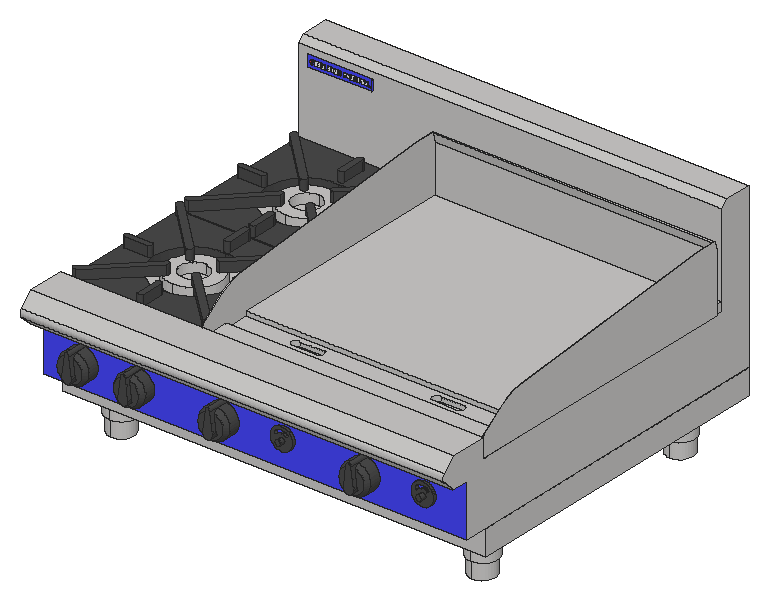
Revit family "QF_MOFFAT_BLUESEAL_CE_G516B-B", category Specialty Equipment, Revit 2012
Parameters
  Width = 900 mm  # constant formula
  Weight in Pounds = 283  # constant formula
  URL Cutsheet = "www.moffat.com"
  URL = "www.moffat.com"
  Type Mark [instance] = ""
  Status [instance] = ""
  Specification by User [instance] = ""
  Specification by Manufacturer = ""
  Show Logo [instance] = yes
  Serial Number = ""
  Seismic Rating = ""
  SMACNA No = ""
  Revision Code [instance] = ""
  Omniclass Number and Title = ""
  NAFEM Spec ID Number = ""
  Model = "G516B-B"
  Mechanical Remarks [instance] = ""
  Mechanical Connection Type [instance] = ""
  Masterspec = ""
  Manufacturer = "MOFFAT BLUESEAL"
  Item Number [instance] = ""
  Installed By [instance] = ""
  Identify Quantity as Lot [instance] = yes
  Height = 485 mm  # constant formula
  Gas Size = 3/4"
  Gas RI Height [instance] = 0 mm
  Gas KW [instance] = 26.6
  Gas Input [instance] = 90990.0 Btu/h
  Gas Connection Height = 0 mm
  Furnished By [instance] = ""
  Foodservice Equipment Identifier [instance] = yes
  Description = "900MM GAS COOK TOP BENCH MOUNT"
  Depth = 812 mm  # constant formula
  CSI MasterFormat = ""
  CSI Master Format = ""
Reference planes
  plane 1 "BACK": y = 0
  plane 2: z = 0
  plane 3 "LEFT": x = 0
  plane 4 "RIGHT": x = 900
  plane 5 "FRONT": y = -812
  plane 6 "TOP": z = 370
  plane 7 "Center Y": x = 450
  plane 8 "Center X": y = -406
  plane 9: z = 485
  plane 10: z = 315
Forms (mm)
  Revolve 1, solid, material "QF_Finishes_Stainless Steel"
    sketch origin (65.5, -728, 0) x (0, 1, 0) y (0, 0, 1)
      loop
        line (71.25, 85) -> (71.25, 35) -> (75.5, 35) -> (75.5, 0) -> (103, 0) -> (103, 85) -> (71.25, 85)
      axis (103, 85) -> (103, 0)
    angle from 0 to 360
  Revolve 2, solid, material "QF_Finishes_Stainless Steel"
    sketch origin (65.5, -210, 0) x (0, 1, 0) y (0, 0, 1)
      loop
        line (78.25, 85) -> (78.25, 35) -> (82.5, 35) -> (82.5, 0) -> (110, 0) -> (110, 85) -> (78.25, 85)
      axis (110, 85) -> (110, 0)
    angle from 0 to 360
  Extrusion 3, solid, material "QF_Finishes_Stainless Steel"
    sketch origin (405, 3, -500) x (1, 0, 0) y (0, 1, 0)
      loop
        circle (365, -35) r 13.5
    from 555 to 585
  Revolve 4, solid, material "QF_Finishes_Black"
    sketch origin (89.999, 7, -0.127) x (0, 1, 0) y (0, 0, -1)
      loop
        line (-789, -229.5) -> (-766, -229.5) -> (-766, -202) -> (-756, -202) -> (-756, -197) -> (-800, -197) -> (-800, -223.651) -> (-789, -229.5)
      axis (-800, -197) -> (-756, -197)
    angle from 0 to 360
  Extrusion 5, solid, material "QF_Finishes_Black"
    sketch origin (228.269, 7, 0.031) x (-1, 0, 0) y (0, 0, -1)
      loop
        line (127.85, -186.163) -> (133.27, -229.082)
        arc (133.27, -229.082) -> (138.269, -233.969) -> (143.267, -229.082) r 5
        line (143.267, -229.082) -> (148.756, -184.996)
        arc (148.756, -184.996) -> (137.684, -174.498) -> (127.85, -186.163) r 10.487
    from 759 to 808
  Extrusion 6, solid, material "QF_Finishes_Stainless Steel"
    sketch origin (0, 0, 0) x (0, 1, 0) y (0, 0, 1)
      loop
        line (-784.97, 250) -> (-749, 250) -> (-749, 140) -> (0, 140) -> (0, 485) -> (-57.5, 485) -> (-70, 472.5) -> (-70, 275) -> (-705, 275) -> (-705, 315) -> (-783.97, 315) -> (-808.498, 290.472)
        arc (-808.498, 290.472) -> (-812.007, 282) -> (-808.498, 273.528) r 11.982
        line (-808.498, 273.528) -> (-784.97, 250)
      loop
        line (0, 85) -> (0, 139.206) -> (-699, 139.206) -> (-699, 85) -> (0, 85)
    from 0 to 900
  Revolve 7, solid, material "QF_Finishes_Black"
    sketch origin (390, 7, -0.127) x (0, 1, 0) y (0, 0, -1)
      loop
        line (-789, -229.5) -> (-766, -229.5) -> (-766, -202) -> (-756, -202) -> (-756, -197) -> (-800, -197) -> (-800, -223.651) -> (-789, -229.5)
      axis (-800, -197) -> (-756, -197)
    angle from 0 to 360
  Extrusion 8, solid, material "QF_Finishes_Black"
    sketch origin (0, -749, 266) x (0, 0, -1) y (1, 0, 0)
      loop
        circle (69, 810) r 23.9
      loop
        arc (61.641, 818.419) -> (62.501, 823.219) -> (57.701, 824.079) r 3.448
        arc (57.701, 824.079) -> (51.116, 809.341) -> (58.919, 795.209) r 18.095
        arc (58.919, 795.209) -> (63.641, 796.491) -> (62.326, 801.204) r 3.448
        arc (62.326, 801.204) -> (58.758, 809.683) -> (61.641, 818.419) r 13.109
      loop
        circle (69, 510) r 23.9
      loop
        arc (61.641, 518.419) -> (62.501, 523.219) -> (57.701, 524.079) r 3.448
        arc (57.701, 524.079) -> (51.116, 509.341) -> (58.919, 495.209) r 18.095
        arc (58.919, 495.209) -> (63.641, 496.491) -> (62.326, 501.204) r 3.448
        arc (62.326, 501.204) -> (58.758, 509.683) -> (61.641, 518.419) r 13.109
    from 0 to 5
  Extrusion 9, solid, material "QF_Finishes_Black"
    sketch origin (0, -754, 266) x (0, 0, -1) y (1, 0, 0)
      loop
        circle (72.5, 510) r 5.75
      loop
        circle (72.5, 810) r 5.75
    from 0 to 10
  Revolve 10, solid, material "QF_Finishes_Stainless Steel"
    sketch origin (834.5, -728, 0) x (0, 1, 0) y (0, 0, -1)
      loop
        line (71.25, -85) -> (103, -85) -> (103, 0) -> (75.5, 0) -> (75.5, -35) -> (71.25, -35) -> (71.25, -85)
      axis (103, -85) -> (103, 0)
    angle from 0 to 360
  Revolve 11, solid, material "QF_Finishes_Stainless Steel"
    sketch origin (834.5, -210, 0) x (0, 1, 0) y (0, 0, -1)
      loop
        line (78.25, -85) -> (110, -85) -> (110, 0) -> (82.5, 0) -> (82.5, -35) -> (78.25, -35) -> (78.25, -85)
      axis (110, -85) -> (110, 0)
    angle from 0 to 360
  Extrusion 12, solid, material "QF_Finishes_Black"
    sketch origin (528.269, 7, 0.031) x (-1, 0, 0) y (0, 0, -1)
      loop
        line (127.85, -186.163) -> (133.27, -229.082)
        arc (133.27, -229.082) -> (138.269, -233.969) -> (143.267, -229.082) r 5
        line (143.267, -229.082) -> (148.756, -184.996)
        arc (148.756, -184.996) -> (137.684, -174.498) -> (127.85, -186.163) r 10.487
    from 759 to 808
  Revolve 13, solid, material "QF_Finishes_Black"
    sketch origin (690, 7, 0) x (0, 1, 0) y (0, 0, -1)
      loop
        line (-789, -229.5) -> (-766, -229.5) -> (-766, -202) -> (-756, -202) -> (-756, -197) -> (-800, -197) -> (-800, -223.651) -> (-789, -229.5)
      axis (-800, -197) -> (-756, -197)
    angle from 0 to 360
  Extrusion 14, solid, material "QF_Finishes_Black"
    sketch origin (828.27, 7, 0.158) x (-1, 0, 0) y (0, 0, -1)
      loop
        line (127.85, -186.163) -> (133.27, -229.082)
        arc (133.27, -229.082) -> (138.269, -233.969) -> (143.267, -229.082) r 5
        line (143.267, -229.082) -> (148.756, -184.996)
        arc (148.756, -184.996) -> (137.684, -174.498) -> (127.85, -186.163) r 10.487
    from 759 to 808
  Revolve 15, solid, material "QF_Finishes_Black"
    sketch origin (210, 7, 0) x (0, 1, 0) y (0, 0, -1)
      loop
        line (-789, -229.5) -> (-766, -229.5) -> (-766, -202) -> (-756, -202) -> (-756, -197) -> (-800, -197) -> (-800, -223.651) -> (-789, -229.5)
      axis (-800, -197) -> (-756, -197)
    angle from 0 to 360
  Extrusion 16, solid, material "QF_Finishes_Black"
    sketch origin (348.27, 7, 0.158) x (-1, 0, 0) y (0, 0, -1)
      loop
        line (127.85, -186.163) -> (133.27, -229.082)
        arc (133.27, -229.082) -> (138.269, -233.969) -> (143.267, -229.082) r 5
        line (143.267, -229.082) -> (148.756, -184.996)
        arc (148.756, -184.996) -> (137.684, -174.498) -> (127.85, -186.163) r 10.487
    from 759 to 808
Lines and regions (mm)
  Split face 1
    outline origin (0, 0, 485) x (0, -1, 0) y (1, 0, 0)
      loop
        arc (18.185, 32.794) -> (23.185, 24.134) -> (33.185, 24.134) r 10
        line (33.185, 24.134) -> (40.185, 28.176)
        arc (40.185, 28.176) -> (43.845, 31.836) -> (45.185, 36.836) r 10
        line (45.185, 36.836) -> (45.185, 264.794)
        arc (45.185, 264.794) -> (40.185, 273.455) -> (30.185, 273.455) r 10
        line (30.185, 273.455) -> (23.185, 269.413)
        arc (23.185, 269.413) -> (19.525, 265.753) -> (18.185, 260.753) r 10
        line (18.185, 260.753) -> (18.185, 32.794)
  Split face 2
    outline origin (0, 0, 485) x (0, -1, 0) y (1, 0, 0)
      loop
        arc (18.185, 332.794) -> (23.185, 324.134) -> (33.185, 324.134) r 10
        line (33.185, 324.134) -> (40.185, 328.176)
        arc (40.185, 328.176) -> (43.845, 331.836) -> (45.185, 336.836) r 10
        line (45.185, 336.836) -> (45.185, 564.794)
        arc (45.185, 564.794) -> (40.185, 573.455) -> (30.185, 573.455) r 10
        line (30.185, 573.455) -> (23.185, 569.413)
        arc (23.185, 569.413) -> (19.525, 565.753) -> (18.185, 560.753) r 10
        line (18.185, 560.753) -> (18.185, 332.794)
  Split face 3
    outline origin (0, 0, 485) x (0, -1, 0) y (1, 0, 0)
      loop
        arc (45.185, 864.794) -> (40.185, 873.455) -> (30.185, 873.455) r 10
        line (30.185, 873.455) -> (23.185, 869.413)
        arc (23.185, 869.413) -> (19.525, 865.753) -> (18.185, 860.753) r 10
        line (18.185, 860.753) -> (18.185, 632.794)
        arc (18.185, 632.794) -> (23.185, 624.134) -> (33.185, 624.134) r 10
        line (33.185, 624.134) -> (40.185, 628.176)
        arc (40.185, 628.176) -> (43.845, 631.836) -> (45.185, 636.836) r 10
        line (45.185, 636.836) -> (45.185, 864.794)
  symbolic lines
    curve 1: line (0, 0, 0) -> (0, -812, 0)
    curve 2: line (900, 0, 0) -> (0, 0, 0)
    curve 3: line (900, -812, 0) -> (900, 0, 0)
    curve 4: line (0, -70, 0) -> (900, -70, 0)
    curve 5: line (0, -812, 0) -> (900, -812, 0)
    curve 6: line (900, -705, 0) -> (0, -705, 0)
    curve 7: line (0, -783.97, 0) -> (900, -783.97, 0)
    curve 8: line (36.836, -45.185, 0) -> (264.794, -45.185, 0)
    curve 9: arc (264.794, -45.185, 0) -> (273.455, -40.185, 0) -> (273.455, -30.185, 0) r 10
    curve 10: line (273.455, -30.185, 0) -> (269.413, -23.185, 0)
    curve 11: arc (269.413, -23.185, 0) -> (265.753, -19.525, 0) -> (260.753, -18.185, 0) r 10
    curve 12: line (260.753, -18.185, 0) -> (32.794, -18.185, 0)
    curve 13: arc (32.794, -18.185, 0) -> (24.134, -23.185, 0) -> (24.134, -33.185, 0) r 10
    curve 14: line (24.134, -33.185, 0) -> (28.176, -40.185, 0)
    curve 15: arc (28.176, -40.185, 0) -> (31.836, -43.845, 0) -> (36.836, -45.185, 0) r 10
    curve 16: line (336.836, -45.185, 0) -> (564.794, -45.185, 0)
    curve 17: arc (564.794, -45.185, 0) -> (573.455, -40.185, 0) -> (573.455, -30.185, 0) r 10
    curve 18: line (573.455, -30.185, 0) -> (569.413, -23.185, 0)
    curve 19: arc (569.413, -23.185, 0) -> (565.753, -19.525, 0) -> (560.753, -18.185, 0) r 10
    curve 20: line (560.753, -18.185, 0) -> (332.794, -18.185, 0)
    curve 21: arc (332.794, -18.185, 0) -> (324.134, -23.185, 0) -> (324.134, -33.185, 0) r 10
    curve 22: line (324.134, -33.185, 0) -> (328.176, -40.185, 0)
    curve 23: arc (328.176, -40.185, 0) -> (331.836, -43.845, 0) -> (336.836, -45.185, 0) r 10
    curve 24: line (864.794, -45.185, 0) -> (636.836, -45.185, 0)
    curve 25: arc (636.836, -45.185, 0) -> (631.836, -43.845, 0) -> (628.176, -40.185, 0) r 10
    curve 26: line (628.176, -40.185, 0) -> (624.134, -33.185, 0)
    curve 27: arc (624.134, -33.185, 0) -> (624.134, -23.185, 0) -> (632.794, -18.185, 0) r 10
    curve 28: line (632.794, -18.185, 0) -> (860.753, -18.185, 0)
    curve 29: arc (860.753, -18.185, 0) -> (865.753, -19.525, 0) -> (869.413, -23.185, 0) r 10
    curve 30: line (869.413, -23.185, 0) -> (873.455, -30.185, 0)
    curve 31: arc (873.455, -30.185, 0) -> (873.455, -40.185, 0) -> (864.794, -45.185, 0) r 10
    curve 32: line (0, -57.5, 0) -> (900, -57.5, 0)
Dimensions and locks
  equal spacing: plane 3 "LEFT", plane 7 "Center Y", plane 4 "RIGHT"
  "Width": plane 3 "LEFT" to plane 4 "RIGHT"
  equal spacing: plane 5 "FRONT", plane 8 "Center X", plane 1 "BACK"
  "Depth": plane 5 "FRONT" to plane 1 "BACK"
  equal spacing: plane 4 "RIGHT", plane 7 "Center Y", plane 3 "LEFT"
  plane 4 "RIGHT" to plane 3 "LEFT" = 900 mm
  Extrusion 3 to level = 55 mm
  Extrusion 3 to plane 1 "BACK" = 32 mm
  plane 5 "FRONT" to plane 1 "BACK" = 812 mm
  "Height": plane 9 to level
  plane 10 to level = 315 mm
  Extrusion 3 sketch curve to plane 4 "RIGHT" = 130 mm
  Extrusion 3 sketch curve to plane 1 "BACK" = 32 mm
  aligned and locked: level to plane 2
  aligned and locked: curve 3 to plane 4 "RIGHT"
Automatic sketch dimensions
  plane 1 "BACK" to curve 1 = 0 mm
  curve 1 to plane 3 "LEFT" = 0 mm
  plane 5 "FRONT" to curve 1 = 0 mm
  plane 3 "LEFT" to curve 14 = 24.134 mm
  curve 13 to curve 14 = 4.041 mm
  curve 13 to curve 13 = 8.66 mm
  curve 15 to curve 8 = 8.66 mm
  plane 1 "BACK" to curve 12 = 18.185 mm
  curve 12 to plane 7 "Center Y" = 189.247 mm
  curve 11 to curve 9 = 4.041 mm
  plane 1 "BACK" to curve 10 = 23.185 mm
  curve 11 to curve 10 = 8.66 mm
  plane 1 "BACK" to curve 10 = 30.185 mm
  curve 10 to curve 10 = 4.041 mm
  plane 1 "BACK" to curve 22 = 33.185 mm
  curve 10 to curve 22 = 50.679 mm
  curve 21 to curve 23 = 4.041 mm  (x2)
  curve 21 to curve 21 = 8.66 mm
  plane 1 "BACK" to curve 20 = 18.185 mm
  plane 7 "Center Y" to curve 20 = 110.753 mm
  curve 19 to curve 17 = 4.041 mm  (x2)
  curve 19 to curve 19 = 8.66 mm
  plane 1 "BACK" to curve 26 = 33.185 mm
  curve 18 to curve 26 = 50.679 mm
  plane 1 "BACK" to curve 26 = 40.185 mm
  curve 27 to curve 26 = 4.041 mm
  curve 27 to curve 27 = 8.66 mm
  curve 27 to curve 25 = 4.041 mm
  plane 4 "RIGHT" to curve 29 = 39.247 mm
  curve 29 to curve 31 = 4.041 mm
  curve 28 to curve 30 = 8.66 mm
  curve 29 to curve 30 = 4.041 mm
  curve 7 to plane 5 "FRONT" = 28.03 mm
  curve 7 to curve 6 = 78.97 mm
  plane 1 "BACK" to curve 4 = 70 mm
  curve 4 to curve 32 = 12.5 mm
  curve 32 to curve 31 = 12.315 mm
  curve 8 to curve 12 = 27 mm
  curve 16 to curve 21 = 17 mm
  curve 22 to curve 21 = 7 mm
  curve 8 to curve 15 = 5 mm
  curve 16 to curve 17 = 10 mm
  curve 24 to curve 31 = 10 mm
  curve 14 to curve 13 = 7 mm
  curve 25 to curve 27 = 7 mm
  curve 31 to curve 29 = 7 mm
  curve 17 to curve 19 = 7 mm
  Revolve 1 sketch curve to level = 0 mm
  level to Revolve 1 sketch curve = 35 mm
  Revolve 1 sketch curve to plane 5 "FRONT" = 155.25 mm
  Revolve 1 sketch curve to Revolve 1 sketch curve = 4.25 mm
  Revolve 1 sketch curve to Revolve 1 sketch curve = 27.5 mm  (x2)
  Revolve 1 sketch curve to Revolve 1 sketch curve = 55 mm
  Revolve 1 sketch curve to Revolve 1 sketch curve = 15 mm
  Revolve 1 sketch curve to Revolve 1 sketch curve = 35 mm
  Revolve 2 sketch curve to level = 0 mm
  level to Revolve 2 sketch curve = 35 mm
  plane 1 "BACK" to Revolve 2 sketch curve = 131.75 mm
  Revolve 2 sketch curve to Revolve 2 sketch curve = 4.25 mm
  Revolve 2 sketch curve to Revolve 2 sketch curve = 27.5 mm  (x2)
  Revolve 2 sketch curve to Revolve 2 sketch curve = 55 mm
  Revolve 2 sketch curve to Revolve 2 sketch curve = 15 mm
  Revolve 2 sketch curve to Revolve 2 sketch curve = 35 mm
  Revolve 4 sketch curve to plane 5 "FRONT" = 19 mm
  Revolve 4 sketch curve to Revolve 4 sketch curve = 0 mm  (x2)
  Revolve 4 sketch curve to Revolve 4 sketch curve = 11 mm
  Revolve 4 sketch curve to Revolve 4 sketch curve = 12.7 mm
  Revolve 4 sketch curve to Revolve 4 sketch curve = 23 mm
  Revolve 4 sketch curve to Revolve 4 sketch curve = 10 mm
  Revolve 4 sketch curve to plane 10 = 85.627 mm
  Revolve 4 sketch curve to Revolve 4 sketch curve = 5.849 mm
  Revolve 4 sketch curve to Revolve 4 sketch curve = 27.5 mm
  Revolve 4 sketch curve to Revolve 4 sketch curve = 5 mm
  plane 3 "LEFT" to Extrusion 5 sketch curve = 100.419 mm
  Extrusion 5 sketch curve to Extrusion 5 sketch curve = 5.421 mm
  Extrusion 5 sketch curve to Extrusion 5 sketch curve = 10.419 mm
  Extrusion 5 sketch curve to Extrusion 5 sketch curve = 4.999 mm  (x2)
  Extrusion 5 sketch curve to Extrusion 5 sketch curve = 10.487 mm
  Extrusion 5 sketch curve to plane 10 = 85.887 mm
  Extrusion 5 sketch curve to Extrusion 5 sketch curve = 0.113 mm
  Extrusion 5 sketch curve to Extrusion 5 sketch curve = 42.919 mm
  Extrusion 5 sketch curve to Extrusion 5 sketch curve = 1.167 mm
  Extrusion 6 sketch curve to plane 10 = 0 mm
  plane 9 to Extrusion 6 sketch curve = 0 mm
  Extrusion 6 sketch curve to plane 1 "BACK" = 0 mm  (x2)
  plane 1 "BACK" to Extrusion 6 sketch curve = 57.5 mm
  plane 9 to Extrusion 6 sketch curve = 12.5 mm
  Extrusion 6 sketch curve to Extrusion 6 sketch curve = 12.5 mm
  Extrusion 6 sketch curve to plane 5 "FRONT" = 113 mm
  Extrusion 6 sketch curve to plane 5 "FRONT" = 107 mm
  Extrusion 6 sketch curve to Extrusion 6 sketch curve = 50 mm
  Extrusion 6 sketch curve to plane 5 "FRONT" = 28.03 mm
  Extrusion 6 sketch curve to plane 5 "FRONT" = 27.03 mm
  Extrusion 6 sketch curve to plane 5 "FRONT" = 11.975 mm
  Extrusion 6 sketch curve to plane 5 "FRONT" = 3.502 mm  (x2)
  Extrusion 6 sketch curve to plane 10 = 24.528 mm
  Extrusion 6 sketch curve to Extrusion 6 sketch curve = 8.472 mm
  Extrusion 6 sketch curve to Extrusion 6 sketch curve = 40 mm
  Extrusion 6 sketch curve to Extrusion 6 sketch curve = 23.528 mm
  Extrusion 6 sketch curve to Extrusion 6 sketch curve = 110 mm
  Extrusion 6 sketch curve to Extrusion 6 sketch curve = 0.794 mm
  Extrusion 6 sketch curve to Extrusion 6 sketch curve = 54.206 mm
  Revolve 7 sketch curve to plane 5 "FRONT" = 19 mm
  Revolve 7 sketch curve to Revolve 7 sketch curve = 0 mm  (x2)
  Revolve 7 sketch curve to Revolve 7 sketch curve = 11 mm
  Revolve 7 sketch curve to Revolve 7 sketch curve = 12.7 mm
  Revolve 7 sketch curve to Revolve 7 sketch curve = 23 mm
  Revolve 7 sketch curve to Revolve 7 sketch curve = 10 mm
  Revolve 7 sketch curve to plane 10 = 85.627 mm
  Revolve 7 sketch curve to Revolve 7 sketch curve = 5.849 mm
  Revolve 7 sketch curve to Revolve 7 sketch curve = 27.5 mm
  Revolve 7 sketch curve to Revolve 7 sketch curve = 5 mm
  Extrusion 6 to Extrusion 8 sketch curve = 41.701 mm  (x2)
  Extrusion 8 sketch curve to Extrusion 8 sketch curve = 1.218 mm  (x2)
  Extrusion 8 sketch curve to Extrusion 8 sketch curve = 1.97 mm  (x4)
  Extrusion 8 sketch curve to Extrusion 8 sketch curve = 1.724 mm  (x2)
  Extrusion 8 sketch curve to Extrusion 8 sketch curve = 1.683 mm  (x2)
  Extrusion 8 sketch curve to Extrusion 8 sketch curve = 6.674 mm  (x2)
  Extrusion 8 sketch curve to Extrusion 8 sketch curve = 0.195 mm  (x2)
  Extrusion 8 sketch curve to Extrusion 8 sketch curve = 2.662 mm  (x2)
  Extrusion 6 to Extrusion 8 sketch curve = 404.791 mm
  Extrusion 8 sketch curve to Extrusion 8 sketch curve = 2.986 mm  (x2)
  Extrusion 8 sketch curve to Extrusion 8 sketch curve = 8.796 mm  (x2)
  Extrusion 8 sketch curve to Extrusion 8 sketch curve = 0.103 mm  (x2)
  Extrusion 8 sketch curve to Extrusion 8 sketch curve = 0.102 mm  (x2)
  Extrusion 6 to Extrusion 8 sketch curve = 104.791 mm
  Extrusion 9 sketch curve to Extrusion 9 sketch curve = 0 mm
  Extrusion 9 sketch curve to Extrusion 9 sketch curve = 300 mm
  Revolve 10 sketch curve to level = 0 mm
  level to Revolve 10 sketch curve = 35 mm
  Revolve 10 sketch curve to plane 5 "FRONT" = 155.25 mm
  Revolve 10 sketch curve to Revolve 10 sketch curve = 4.25 mm
  Revolve 10 sketch curve to Revolve 10 sketch curve = 27.5 mm  (x2)
  Revolve 10 sketch curve to Revolve 10 sketch curve = 15 mm
  Revolve 10 sketch curve to Revolve 10 sketch curve = 35 mm
  Revolve 10 sketch curve to level = 55 mm
  Revolve 11 sketch curve to level = 0 mm
  level to Revolve 11 sketch curve = 35 mm
  plane 1 "BACK" to Revolve 11 sketch curve = 131.75 mm
  Revolve 11 sketch curve to Revolve 11 sketch curve = 4.25 mm
  Revolve 11 sketch curve to Revolve 11 sketch curve = 27.5 mm  (x2)
  Revolve 11 sketch curve to Revolve 11 sketch curve = 15 mm
  Revolve 11 sketch curve to Revolve 11 sketch curve = 35 mm
  Revolve 11 sketch curve to level = 55 mm
  Extrusion 12 sketch curve to plane 7 "Center Y" = 49.58 mm
  Extrusion 12 sketch curve to Extrusion 12 sketch curve = 5.421 mm
  Extrusion 12 sketch curve to Extrusion 12 sketch curve = 10.419 mm
  Extrusion 12 sketch curve to Extrusion 12 sketch curve = 4.999 mm  (x2)
  Extrusion 12 sketch curve to Extrusion 12 sketch curve = 10.487 mm
  Extrusion 12 sketch curve to plane 10 = 85.887 mm
  Extrusion 12 sketch curve to Extrusion 12 sketch curve = 0.113 mm
  Extrusion 12 sketch curve to Extrusion 12 sketch curve = 42.919 mm
  Extrusion 12 sketch curve to Extrusion 12 sketch curve = 1.167 mm
  Revolve 13 sketch curve to plane 5 "FRONT" = 19 mm
  Revolve 13 sketch curve to Revolve 13 sketch curve = 0 mm  (x2)
  Revolve 13 sketch curve to Revolve 13 sketch curve = 11 mm
  Revolve 13 sketch curve to Revolve 13 sketch curve = 12.7 mm
  Revolve 13 sketch curve to Revolve 13 sketch curve = 23 mm
  Revolve 13 sketch curve to Revolve 13 sketch curve = 10 mm
  Revolve 13 sketch curve to plane 10 = 85.5 mm
  Revolve 13 sketch curve to Revolve 13 sketch curve = 5.849 mm
  Revolve 13 sketch curve to Revolve 13 sketch curve = 27.5 mm
  Revolve 13 sketch curve to Revolve 13 sketch curve = 5 mm
  plane 4 "RIGHT" to Extrusion 14 sketch curve = 199.58 mm
  Extrusion 14 sketch curve to Extrusion 14 sketch curve = 5.421 mm
  Extrusion 14 sketch curve to Extrusion 14 sketch curve = 10.419 mm
  Extrusion 14 sketch curve to Extrusion 14 sketch curve = 4.999 mm  (x2)
  Extrusion 14 sketch curve to plane 10 = 85.76 mm
  Extrusion 14 sketch curve to Extrusion 14 sketch curve = 10.487 mm
  Extrusion 14 sketch curve to Extrusion 14 sketch curve = 0.113 mm
  Extrusion 14 sketch curve to Extrusion 14 sketch curve = 42.919 mm
  Extrusion 14 sketch curve to Extrusion 14 sketch curve = 1.167 mm
  Split face 1 sketch curve to Extrusion 6 = 18.185 mm
  Split face 1 sketch curve to Split face 1 sketch curve = 5 mm  (x3)
  Split face 1 sketch curve to Split face 1 sketch curve = 10 mm  (x2)
  Split face 1 sketch curve to Split face 1 sketch curve = 7 mm  (x4)
  Split face 1 sketch curve to Extrusion 6 = 24.134 mm
  Split face 1 sketch curve to Split face 1 sketch curve = 4.041 mm  (x2)
  Split face 1 sketch curve to Split face 1 sketch curve = 223.917 mm
  Split face 2 sketch curve to Extrusion 6 = 18.185 mm
  Split face 2 sketch curve to Split face 2 sketch curve = 5 mm  (x4)
  Split face 2 sketch curve to Split face 2 sketch curve = 10 mm
  Split face 2 sketch curve to Split face 2 sketch curve = 7 mm  (x4)
  Split face 2 sketch curve to Extrusion 6 = 324.134 mm
  Split face 2 sketch curve to Split face 2 sketch curve = 4.041 mm  (x2)
  Split face 2 sketch curve to Split face 2 sketch curve = 223.917 mm
  Split face 3 sketch curve to Extrusion 6 = 18.185 mm
  Split face 3 sketch curve to Split face 3 sketch curve = 5 mm  (x3)
  Split face 3 sketch curve to Split face 3 sketch curve = 10 mm  (x2)
  Split face 3 sketch curve to Split face 3 sketch curve = 7 mm  (x4)
  Split face 3 sketch curve to Extrusion 6 = 275.866 mm
  Split face 3 sketch curve to Split face 3 sketch curve = 4.041 mm  (x2)
  Split face 3 sketch curve to Extrusion 6 = 39.247 mm
  Revolve 15 sketch curve to plane 5 "FRONT" = 19 mm
  Revolve 15 sketch curve to Revolve 15 sketch curve = 0 mm  (x2)
  Revolve 15 sketch curve to Revolve 15 sketch curve = 11 mm
  Revolve 15 sketch curve to Revolve 15 sketch curve = 12.7 mm
  Revolve 15 sketch curve to Revolve 15 sketch curve = 23 mm
  Revolve 15 sketch curve to Revolve 15 sketch curve = 10 mm
  Revolve 15 sketch curve to plane 10 = 85.5 mm
  Revolve 15 sketch curve to Revolve 15 sketch curve = 5.849 mm
  Revolve 15 sketch curve to Revolve 15 sketch curve = 27.5 mm
  Revolve 15 sketch curve to Revolve 15 sketch curve = 5 mm
  plane 3 "LEFT" to Extrusion 16 sketch curve = 220.42 mm
  Extrusion 16 sketch curve to Extrusion 16 sketch curve = 5.421 mm
  Extrusion 16 sketch curve to Extrusion 16 sketch curve = 10.419 mm
  Extrusion 16 sketch curve to Extrusion 16 sketch curve = 4.999 mm  (x2)
  Extrusion 16 sketch curve to plane 10 = 85.76 mm
  Extrusion 16 sketch curve to Extrusion 16 sketch curve = 10.487 mm
  Extrusion 16 sketch curve to Extrusion 16 sketch curve = 0.113 mm
  Extrusion 16 sketch curve to Extrusion 16 sketch curve = 42.919 mm
  Extrusion 16 sketch curve to Extrusion 16 sketch curve = 1.167 mm
  radius of Extrusion 3 sketch curve = 13.5 mm
  radius of Extrusion 8 sketch curve = 23.9 mm  (x2)
  radius of Extrusion 9 sketch curve = 5.75 mm  (x2)
Nested families
  nested 1: "WALDORF LOGO_FACE BASE" at (18.6, -70, 458.604) x (1, 0, 0) z (0, -1, 0), visible <- "Show Logo", type "WALDORF LOGO_FACE BASE", detail levels medium+fine
    with Show Logo yes
  nested 2: "GAS BURNER300 & GRIDDLE 600" at (0, -70, 275), type "GAS BURNER300 & GRIDDLE 600"
    with Width 900 mm, Type Mark "", Status "", Specification by User "", Revision Code "", Item Number "", Installed By "", Identify Quantity as Lot yes, Furnished By "", Foodservice Equipment Identifier yes, Depth 635 mm
Connectors
  piping at (770, -32, 55)
    settings: on Extrusion 3, index 1, connector radius 0.37402", flow factor 0, pipe flow 0 GPM, pressure drop 0.00 psi, fitting loss kfactor 0, connector angle 0.00°, fixture units 0, engagement length 0 mm, flow configuration 1, flow direction 1, fitting loss method 0, system type 7, joint type 0, gender type 0, connector reference index -1, connector utility 0, adjustable connector no, is connector primary yes, fitting loss table "", connector description "GAS CONNECTION"
Definition of nested family "WALDORF LOGO_FACE BASE"
  Parameters (values of type "WALDORF LOGO_FACE BASE")
    Show Logo [instance] = yes
    Default Elevation = 1219.2 mm
  Reference planes
    plane 1 "Center (Front/Back)": y = 0
    plane 2: z = 0
    plane 3 "Center (Left/Right)": x = 0
  Forms (mm)
    Extrusion 1, solid
      sketch origin (0, 0, 0) x (1, 0, 0) y (0, 1, 0)
        loop
          line (-1219.2, 1219.2) -> (-1219.2, -1219.2) -> (1219.2, -1219.2) -> (1219.2, 1219.2) -> (-1219.2, 1219.2)
      from 0 to -304.8
    Extrusion 2, solid, material "QF_Finishes_Blue", visible <- "Show Logo"
      sketch origin (0, -33.217, 0) x (1, 0, 0) y (0, 1, 0)
        loop
          arc (138, 31.942) -> (137.626, 32.844) -> (136.724, 33.217) r 1.276
          line (136.724, 33.217) -> (1.29, 33.217)
          arc (1.29, 33.217) -> (0.378, 32.839) -> (0, 31.927) r 1.29
          line (0, 31.927) -> (0, 11.507)
          arc (0, 11.507) -> (0.378, 10.595) -> (1.29, 10.217) r 1.29
          line (1.29, 10.217) -> (136.71, 10.217)
          arc (136.71, 10.217) -> (137.622, 10.595) -> (138, 11.507) r 1.29
          line (138, 11.507) -> (138, 31.942)
      from 0 to 1.588
    Extrusion 3, solid, material "QF_Finishes_White", visible <- "Show Logo"
      sketch origin (0, -33.217, 1.588) x (1, 0, 0) y (0, 1, 0)
        loop
          arc (108.946, 25.919) -> (107.613, 25.367) -> (107.061, 24.034) r 1.885
          line (107.061, 24.034) -> (107.061, 17.211) -> (112.704, 17.211) -> (112.704, 19.129) -> (115.546, 19.129) -> (115.546, 17.211) -> (121.584, 17.211) -> (121.584, 24.075)
          arc (121.584, 24.075) -> (121.043, 25.379) -> (119.739, 25.919) r 1.845
          line (119.739, 25.919) -> (108.946, 25.919)
        loop
          line (123.478, 25.919) -> (123.478, 17.163) -> (134.904, 17.163) -> (134.904, 19.129) -> (129.246, 19.129) -> (129.246, 25.919) -> (123.478, 25.919)
        loop
          line (112.704, 21.258) -> (115.546, 21.258) -> (115.546, 22.702)
          arc (115.546, 22.702) -> (115.344, 23.188) -> (114.858, 23.389) r 0.687
          line (114.858, 23.389) -> (113.363, 23.389)
          arc (113.363, 23.389) -> (112.897, 23.196) -> (112.704, 22.73) r 0.658
          line (112.704, 22.73) -> (112.704, 21.258)
        loop
          line (105.071, 25.919) -> (93.771, 25.919) -> (93.771, 17.163) -> (105.071, 17.163) -> (105.071, 19.063) -> (99.535, 19.063) -> (99.535, 20.437) -> (105.071, 20.437) -> (105.071, 22.278) -> (99.535, 22.278) -> (99.535, 23.587) -> (105.071, 23.587) -> (105.071, 25.919)
        loop
          line (91.104, 25.919) -> (79.541, 25.919)
          arc (79.541, 25.919) -> (78.558, 25.513) -> (78.152, 24.53) r 1.389
          line (78.152, 24.53) -> (78.152, 22.08)
          arc (78.152, 22.08) -> (78.558, 21.098) -> (79.541, 20.691) r 1.389
          line (79.541, 20.691) -> (86.346, 20.691) -> (86.346, 18.864) -> (83.266, 18.864) -> (83.266, 19.664) -> (78.152, 19.664) -> (78.152, 18.553)
          arc (78.152, 18.553) -> (78.558, 17.57) -> (79.541, 17.163) r 1.389
          line (79.541, 17.163) -> (91.063, 17.163)
          arc (91.063, 17.163) -> (92.045, 17.57) -> (92.452, 18.553) r 1.389
          line (92.452, 18.553) -> (92.452, 20.691)
          arc (92.452, 20.691) -> (92.045, 21.673) -> (91.063, 22.08) r 1.389
          line (91.063, 22.08) -> (83.266, 22.08) -> (83.266, 23.984) -> (86.346, 23.984) -> (86.346, 22.743) -> (92.452, 22.743) -> (92.452, 24.571)
          arc (92.452, 24.571) -> (92.057, 25.524) -> (91.104, 25.919) r 1.348
        loop
          line (70.705, 25.919) -> (59.405, 25.919) -> (59.405, 17.163) -> (70.705, 17.163) -> (70.705, 19.063) -> (65.169, 19.063) -> (65.169, 20.437) -> (70.705, 20.437) -> (70.705, 22.278) -> (65.169, 22.278) -> (65.169, 23.587) -> (70.705, 23.587) -> (70.705, 25.919)
        loop
          line (57.598, 25.919) -> (51.7, 25.919) -> (51.7, 20.18)
          arc (51.7, 20.18) -> (50.63, 19.11) -> (49.56, 20.18) r 1.07
          line (49.56, 20.18) -> (49.56, 25.919) -> (43.663, 25.919) -> (43.663, 19.049)
          arc (43.663, 19.049) -> (44.215, 17.716) -> (45.548, 17.163) r 1.885
          line (45.548, 17.163) -> (55.71, 17.163)
          arc (55.71, 17.163) -> (57.045, 17.716) -> (57.598, 19.051) r 1.887
          line (57.598, 19.051) -> (57.598, 25.919)
        loop
          line (31.62, 25.919) -> (31.62, 17.163) -> (43.046, 17.163) -> (43.046, 19.129) -> (37.388, 19.129) -> (37.388, 25.919) -> (31.62, 25.919)
        loop
          line (15.969, 25.919) -> (15.969, 17.163) -> (28.693, 17.163)
          arc (28.693, 17.163) -> (29.812, 17.627) -> (30.276, 18.746) r 1.582
          line (30.276, 18.746) -> (30.276, 20.447) -> (29.48, 21.243) -> (30.276, 22.039) -> (30.276, 24.332)
          arc (30.276, 24.332) -> (29.811, 25.454) -> (28.688, 25.919) r 1.587
          line (28.688, 25.919) -> (15.969, 25.919)
        loop
          line (21.449, 24.159) -> (21.449, 22.436) -> (23.862, 22.436)
          arc (23.862, 22.436) -> (24.723, 23.298) -> (23.862, 24.159) r 0.861
          line (23.862, 24.159) -> (21.449, 24.159)
        loop
          line (21.449, 20.244) -> (21.449, 18.522) -> (23.862, 18.522)
          arc (23.862, 18.522) -> (24.723, 19.383) -> (23.862, 20.244) r 0.861
          line (23.862, 20.244) -> (21.449, 20.244)
      from 0 to 0.2
    Extrusion 4, solid, material "QF_Finishes_Blue", visible <- "Show Logo"
      sketch origin (-126.498, -31.09, 1.588) x (1, 0, 0) y (0, 1, 0)
        loop
          line (136.738, 23.522) -> (136.738, 15.1)
          arc (136.738, 15.1) -> (140.756, 19.311) -> (136.738, 23.522) r 4.216
      from 0 to 0.2
    Extrusion 5, solid, material "QF_Finishes_Red", visible <- "Show Logo"
      sketch origin (146.849, -31.09, 1.588) x (-1, 0, 0) y (0, -1, 0)
        loop
          arc (136.738, -23.522) -> (140.756, -19.311) -> (136.738, -15.1) r 4.216
          line (136.738, -15.1) -> (136.738, -23.522)
      from 0 to 0.2
  Lines and regions (mm)
    Split face 1
      outline origin (-90.35, -30.793, 1.588) x (1, 0, 0) y (0, 1, 0)
        loop
          circle (100.54, 19.013) r 4.536
  Dimensions and locks
    aligned and locked: plane 2 to Extrusion 1
    aligned and locked: level to Extrusion 1
Definition of nested family "GAS BURNER300 & GRIDDLE 600"
  Parameters (values of type "GAS BURNER300 & GRIDDLE 600")
    Width [instance] = 900 mm
    Weight in Pounds = 0
    URL Cutsheet = ""
    Type Mark [instance] = ""
    Status [instance] = ""
    Specification by User [instance] = ""
    Specification by Manufacturer = ""
    Serial Number = ""
    Seismic Rating = ""
    SMACNA No = ""
    Revision Code [instance] = ""
    Omniclass Number and Title = ""
    NAFEM Spec ID Number = ""
    Masterspec = ""
    Item Number [instance] = ""
    Installed By [instance] = ""
    Identify Quantity as Lot [instance] = yes
    Furnished By [instance] = ""
    Foodservice Equipment Identifier [instance] = yes
    Depth [instance] = 635 mm
    CSI MasterFormat = ""
    CSI Master Format = ""
  Reference planes
    plane 1 "BACK": y = 0
    plane 2: z = 0
    plane 3 "LEFT": x = 0
    plane 4 "RIGHT": x = 900
    plane 5 "FRONT": y = -635
    plane 6 "TOP": z = 142.5
    plane 7 "Center Y": x = 450
    plane 8 "Center X": y = -317.5
  Forms (mm)
    Extrusion 1, solid, material "QF_Finishes_Black"
      sketch origin (0, 0, 0) x (0, -1, 0) y (1, 0, 0)
        loop
          line (318.5, 4) -> (318.5, 296)
          arc (318.5, 296) -> (317.621, 298.121) -> (315.5, 299) r 3
          line (315.5, 299) -> (3, 299)
          arc (3, 299) -> (0.879, 298.121) -> (0, 296) r 3
          line (0, 296) -> (0, 4)
          arc (0, 4) -> (0.879, 1.879) -> (3, 1) r 3
          line (3, 1) -> (315.5, 1)
          arc (315.5, 1) -> (317.621, 1.879) -> (318.5, 4) r 3
        loop
          line (324.5, 1) -> (632, 1)
          arc (632, 1) -> (634.121, 1.879) -> (635, 4) r 3
          line (635, 4) -> (635, 296)
          arc (635, 296) -> (634.121, 298.121) -> (632, 299) r 3
          line (632, 299) -> (324.5, 299)
          arc (324.5, 299) -> (322.379, 298.121) -> (321.5, 296) r 3
          line (321.5, 296) -> (321.5, 4)
          arc (321.5, 4) -> (322.379, 1.879) -> (324.5, 1) r 3
        loop
          circle (168.5, 149.991) r 84.082
        loop
          circle (468.5, 149.991) r 84.082
      from 0 to 19.5
    Extrusion 2, solid, material "QF_Finishes_Black"
      sketch origin (0, 0, 19.5) x (0, -1, 0) y (1, 0, 0)
        loop
          spline (326.102, 15.153) -> (325.181, 13.924) -> (324.631, 12.47) -> (324.49, 10.89) -> (324.767, 9.292) -> (325.443, 7.786) -> (326.473, 6.473) -> (327.786, 5.443) -> (329.292, 4.767) -> (330.89, 4.49) -> (332.47, 4.631) -> (333.924, 5.181) -> (335.153, 6.102)
          line (335.153, 6.102) -> (443.076, 114.025)
          spline (443.076, 114.025) -> (443.837, 115.095) -> (444.238, 116.399) -> (444.251, 117.851) -> (443.875, 119.35) -> (443.137, 120.795) -> (442.086, 122.086) -> (440.795, 123.137) -> (439.35, 123.875) -> (437.851, 124.251) -> (436.399, 124.238) -> (435.095, 123.837) -> (434.025, 123.076)
          line (434.025, 123.076) -> (326.102, 15.153)
        loop
          spline (328.898, 156.4) -> (327.604, 156.182) -> (326.398, 155.543) -> (325.362, 154.525) -> (324.568, 153.2) -> (324.068, 151.656) -> (323.898, 150) -> (324.068, 148.344) -> (324.568, 146.8) -> (325.362, 145.475) -> (326.398, 144.457) -> (327.604, 143.818) -> (328.898, 143.6)
          line (328.898, 143.6) -> (378.102, 143.6)
          spline (378.102, 143.6) -> (379.396, 143.818) -> (380.602, 144.457) -> (381.638, 145.475) -> (382.432, 146.8) -> (382.932, 148.344) -> (383.102, 150) -> (382.932, 151.656) -> (382.432, 153.2) -> (381.638, 154.525) -> (380.602, 155.543) -> (379.396, 156.182) -> (378.102, 156.4)
          line (378.102, 156.4) -> (328.898, 156.4)
        loop
          spline (335.153, 293.898) -> (334.084, 294.659) -> (332.779, 295.059) -> (331.328, 295.072) -> (329.829, 294.697) -> (328.384, 293.959) -> (327.092, 292.908) -> (326.041, 291.616) -> (325.303, 290.171) -> (324.928, 288.672) -> (324.941, 287.221) -> (325.341, 285.916) -> (326.102, 284.847)
          line (326.102, 284.847) -> (434.025, 176.924)
          spline (434.025, 176.924) -> (435.095, 176.163) -> (436.399, 175.762) -> (437.851, 175.749) -> (439.35, 176.125) -> (440.795, 176.863) -> (442.086, 177.914) -> (443.137, 179.205) -> (443.875, 180.65) -> (444.251, 182.149) -> (444.238, 183.601) -> (443.837, 184.905) -> (443.076, 185.975)
          line (443.076, 185.975) -> (335.153, 293.898)
        loop
          line (463.6, 291.102) -> (463.6, 241.898)
          spline (463.6, 241.898) -> (463.818, 240.604) -> (464.457, 239.398) -> (465.475, 238.362) -> (466.8, 237.568) -> (468.344, 237.068) -> (470, 236.898) -> (471.656, 237.068) -> (473.2, 237.568) -> (474.525, 238.362) -> (475.543, 239.398) -> (476.182, 240.604) -> (476.4, 241.898)
          line (476.4, 241.898) -> (476.4, 291.102)
          spline (476.4, 291.102) -> (476.182, 292.396) -> (475.543, 293.602) -> (474.525, 294.638) -> (473.2, 295.432) -> (471.656, 295.932) -> (470, 296.102) -> (468.344, 295.932) -> (466.8, 295.432) -> (465.475, 294.638) -> (464.457, 293.602) -> (463.818, 292.396) -> (463.6, 291.102)
        loop
          spline (612.398, 284.847) -> (613.159, 285.916) -> (613.559, 287.221) -> (613.572, 288.672) -> (613.197, 290.171) -> (612.459, 291.616) -> (611.408, 292.908) -> (610.116, 293.959) -> (608.671, 294.697) -> (607.172, 295.072) -> (605.721, 295.059) -> (604.416, 294.659) -> (603.347, 293.898)
          line (603.347, 293.898) -> (496.924, 185.975)
          spline (496.924, 185.975) -> (496.163, 184.905) -> (495.762, 183.601) -> (495.749, 182.149) -> (496.125, 180.65) -> (496.863, 179.205) -> (497.914, 177.914) -> (499.205, 176.863) -> (500.65, 176.125) -> (502.149, 175.749) -> (503.601, 175.762) -> (504.905, 176.163) -> (505.975, 176.924)
          line (505.975, 176.924) -> (612.398, 284.847)
        loop
          spline (609.602, 143.6) -> (610.896, 143.818) -> (612.102, 144.457) -> (613.138, 145.475) -> (613.932, 146.8) -> (614.432, 148.344) -> (614.602, 150) -> (614.432, 151.656) -> (613.932, 153.2) -> (613.138, 154.525) -> (612.102, 155.543) -> (610.896, 156.182) -> (609.602, 156.4)
          line (609.602, 156.4) -> (561.898, 156.4)
          spline (561.898, 156.4) -> (560.604, 156.182) -> (559.398, 155.543) -> (558.362, 154.525) -> (557.568, 153.2) -> (557.068, 151.656) -> (556.898, 150) -> (557.068, 148.344) -> (557.568, 146.8) -> (558.362, 145.475) -> (559.398, 144.457) -> (560.604, 143.818) -> (561.898, 143.6)
          line (561.898, 143.6) -> (609.602, 143.6)
        loop
          line (612.398, 15.153) -> (505.975, 123.076)
          spline (505.975, 123.076) -> (504.905, 123.837) -> (503.601, 124.238) -> (502.149, 124.251) -> (500.65, 123.875) -> (499.205, 123.137) -> (497.914, 122.086) -> (496.863, 120.795) -> (496.125, 119.35) -> (495.749, 117.851) -> (495.762, 116.399) -> (496.163, 115.095) -> (496.924, 114.025)
          line (496.924, 114.025) -> (603.347, 6.102)
          spline (603.347, 6.102) -> (604.416, 5.341) -> (605.721, 4.941) -> (607.172, 4.928) -> (608.671, 5.303) -> (610.116, 6.041) -> (611.408, 7.092) -> (612.459, 8.384) -> (613.197, 9.829) -> (613.572, 11.328) -> (613.559, 12.779) -> (613.159, 14.084) -> (612.398, 15.153)
        loop
          line (476.4, 8.898) -> (476.4, 58.102)
          spline (476.4, 58.102) -> (476.182, 59.396) -> (475.543, 60.602) -> (474.525, 61.638) -> (473.2, 62.432) -> (471.656, 62.932) -> (470, 63.102) -> (468.344, 62.932) -> (466.8, 62.432) -> (465.475, 61.638) -> (464.457, 60.602) -> (463.818, 59.396) -> (463.6, 58.102)
          line (463.6, 58.102) -> (463.6, 8.898)
          spline (463.6, 8.898) -> (463.818, 7.604) -> (464.457, 6.398) -> (465.475, 5.362) -> (466.8, 4.568) -> (468.344, 4.068) -> (470, 3.898) -> (471.656, 4.068) -> (473.2, 4.568) -> (474.525, 5.362) -> (475.543, 6.398) -> (476.182, 7.604) -> (476.4, 8.898)
        loop
          spline (22.602, 15.153) -> (21.681, 13.924) -> (21.131, 12.47) -> (20.99, 10.89) -> (21.267, 9.292) -> (21.943, 7.786) -> (22.973, 6.473) -> (24.286, 5.443) -> (25.792, 4.767) -> (27.39, 4.49) -> (28.97, 4.631) -> (30.424, 5.181) -> (31.653, 6.102)
          line (31.653, 6.102) -> (139.576, 114.025)
          spline (139.576, 114.025) -> (140.337, 115.095) -> (140.738, 116.399) -> (140.751, 117.851) -> (140.375, 119.35) -> (139.637, 120.795) -> (138.586, 122.086) -> (137.295, 123.137) -> (135.85, 123.875) -> (134.351, 124.251) -> (132.899, 124.238) -> (131.595, 123.837) -> (130.525, 123.076)
          line (130.525, 123.076) -> (22.602, 15.153)
        loop
          spline (25.398, 156.4) -> (24.104, 156.182) -> (22.898, 155.543) -> (21.862, 154.525) -> (21.068, 153.2) -> (20.568, 151.656) -> (20.398, 150) -> (20.568, 148.344) -> (21.068, 146.8) -> (21.862, 145.475) -> (22.898, 144.457) -> (24.104, 143.818) -> (25.398, 143.6)
          line (25.398, 143.6) -> (74.602, 143.6)
          spline (74.602, 143.6) -> (75.896, 143.818) -> (77.102, 144.457) -> (78.138, 145.475) -> (78.932, 146.8) -> (79.432, 148.344) -> (79.602, 150) -> (79.432, 151.656) -> (78.932, 153.2) -> (78.138, 154.525) -> (77.102, 155.543) -> (75.896, 156.182) -> (74.602, 156.4)
          line (74.602, 156.4) -> (25.398, 156.4)
        loop
          spline (31.653, 293.898) -> (30.584, 294.659) -> (29.279, 295.059) -> (27.828, 295.072) -> (26.329, 294.697) -> (24.884, 293.959) -> (23.592, 292.908) -> (22.541, 291.616) -> (21.803, 290.171) -> (21.428, 288.672) -> (21.441, 287.221) -> (21.841, 285.916) -> (22.602, 284.847)
          line (22.602, 284.847) -> (130.525, 176.924)
          spline (130.525, 176.924) -> (131.595, 176.163) -> (132.899, 175.762) -> (134.351, 175.749) -> (135.85, 176.125) -> (137.295, 176.863) -> (138.586, 177.914) -> (139.637, 179.205) -> (140.375, 180.65) -> (140.751, 182.149) -> (140.738, 183.601) -> (140.337, 184.905) -> (139.576, 185.975)
          line (139.576, 185.975) -> (31.653, 293.898)
        loop
          line (160.1, 291.102) -> (160.1, 241.898)
          spline (160.1, 241.898) -> (160.318, 240.604) -> (160.957, 239.398) -> (161.975, 238.362) -> (163.3, 237.568) -> (164.844, 237.068) -> (166.5, 236.898) -> (168.156, 237.068) -> (169.7, 237.568) -> (171.025, 238.362) -> (172.043, 239.398) -> (172.682, 240.604) -> (172.9, 241.898)
          line (172.9, 241.898) -> (172.9, 291.102)
          spline (172.9, 291.102) -> (172.682, 292.396) -> (172.043, 293.602) -> (171.025, 294.638) -> (169.7, 295.432) -> (168.156, 295.932) -> (166.5, 296.102) -> (164.844, 295.932) -> (163.3, 295.432) -> (161.975, 294.638) -> (160.957, 293.602) -> (160.318, 292.396) -> (160.1, 291.102)
        loop
          spline (313.898, 284.847) -> (314.659, 285.916) -> (315.059, 287.221) -> (315.072, 288.672) -> (314.697, 290.171) -> (313.959, 291.616) -> (312.908, 292.908) -> (311.616, 293.959) -> (310.171, 294.697) -> (308.672, 295.072) -> (307.221, 295.059) -> (305.916, 294.659) -> (304.847, 293.898)
          line (304.847, 293.898) -> (193.424, 185.975)
          spline (193.424, 185.975) -> (192.663, 184.905) -> (192.262, 183.601) -> (192.249, 182.149) -> (192.625, 180.65) -> (193.363, 179.205) -> (194.414, 177.914) -> (195.705, 176.863) -> (197.15, 176.125) -> (198.649, 175.749) -> (200.101, 175.762) -> (201.405, 176.163) -> (202.475, 176.924)
          line (202.475, 176.924) -> (313.898, 284.847)
        loop
          spline (311.102, 143.6) -> (312.396, 143.818) -> (313.602, 144.457) -> (314.638, 145.475) -> (315.432, 146.8) -> (315.932, 148.344) -> (316.102, 150) -> (315.932, 151.656) -> (315.432, 153.2) -> (314.638, 154.525) -> (313.602, 155.543) -> (312.396, 156.182) -> (311.102, 156.4)
          line (311.102, 156.4) -> (261.898, 156.4)
          spline (261.898, 156.4) -> (260.604, 156.182) -> (259.398, 155.543) -> (258.362, 154.525) -> (257.568, 153.2) -> (257.068, 151.656) -> (256.898, 150) -> (257.068, 148.344) -> (257.568, 146.8) -> (258.362, 145.475) -> (259.398, 144.457) -> (260.604, 143.818) -> (261.898, 143.6)
          line (261.898, 143.6) -> (311.102, 143.6)
        loop
          line (313.898, 15.153) -> (202.475, 123.076)
          spline (202.475, 123.076) -> (201.405, 123.837) -> (200.101, 124.238) -> (198.649, 124.251) -> (197.15, 123.875) -> (195.705, 123.137) -> (194.414, 122.086) -> (193.363, 120.795) -> (192.625, 119.35) -> (192.249, 117.851) -> (192.262, 116.399) -> (192.663, 115.095) -> (193.424, 114.025)
          line (193.424, 114.025) -> (304.847, 6.102)
          spline (304.847, 6.102) -> (305.916, 5.341) -> (307.221, 4.941) -> (308.672, 4.928) -> (310.171, 5.303) -> (311.616, 6.041) -> (312.908, 7.092) -> (313.959, 8.384) -> (314.697, 9.829) -> (315.072, 11.328) -> (315.059, 12.779) -> (314.659, 14.084) -> (313.898, 15.153)
        loop
          line (172.9, 8.898) -> (172.9, 58.102)
          spline (172.9, 58.102) -> (172.682, 59.396) -> (172.043, 60.602) -> (171.025, 61.638) -> (169.7, 62.432) -> (168.156, 62.932) -> (166.5, 63.102) -> (164.844, 62.932) -> (163.3, 62.432) -> (161.975, 61.638) -> (160.957, 60.602) -> (160.318, 59.396) -> (160.1, 58.102)
          line (160.1, 58.102) -> (160.1, 8.898)
          spline (160.1, 8.898) -> (160.318, 7.604) -> (160.957, 6.398) -> (161.975, 5.362) -> (163.3, 4.568) -> (164.844, 4.068) -> (166.5, 3.898) -> (168.156, 4.068) -> (169.7, 4.568) -> (171.025, 5.362) -> (172.043, 6.398) -> (172.682, 7.604) -> (172.9, 8.898)
      from 0 to 20.5
    Extrusion 3, solid, material "QF_Finishes_Stainless Steel"
      sketch origin (0, -15.098, 0) x (0, -1, 0) y (1, 0, 0)
        loop
          circle (151.402, 150) r 57
        loop
          circle (451.402, 150) r 57
        loop
          circle (151.402, 150) r 30
        loop
          circle (451.402, 150) r 30
      from 0 to 20
  Lines and regions (mm)
    symbolic lines
      curve 1: line (284.847, -22.602, 0) -> (176.924, -130.525, 0)
      curve 2: spline (176.924, -130.525, 0) -> (176.163, -131.595, 0) -> (175.762, -132.899, 0) -> (175.749, -134.351, 0) -> (176.125, -135.85, 0) -> (176.863, -137.295, 0) -> (177.914, -138.586, 0) -> (179.205, -139.637, 0) -> (180.65, -140.375, 0) -> (182.149, -140.751, 0) -> (183.601, -140.738, 0) -> (184.905, -140.337, 0) -> (185.975, -139.576, 0)
      curve 3: line (185.975, -139.576, 0) -> (293.898, -31.653, 0)
      curve 4: spline (293.898, -31.653, 0) -> (294.659, -30.584, 0) -> (295.059, -29.279, 0) -> (295.072, -27.828, 0) -> (294.697, -26.329, 0) -> (293.959, -24.884, 0) -> (292.908, -23.592, 0) -> (291.616, -22.541, 0) -> (290.171, -21.803, 0) -> (288.672, -21.428, 0) -> (287.221, -21.441, 0) -> (285.916, -21.841, 0) -> (284.847, -22.602, 0)
      curve 5: line (291.102, -160.1, 0) -> (241.898, -160.1, 0)
      curve 6: spline (241.898, -160.1, 0) -> (240.604, -160.318, 0) -> (239.398, -160.957, 0) -> (238.362, -161.975, 0) -> (237.568, -163.3, 0) -> (237.068, -164.844, 0) -> (236.898, -166.5, 0) -> (237.068, -168.156, 0) -> (237.568, -169.7, 0) -> (238.362, -171.025, 0) -> (239.398, -172.043, 0) -> (240.604, -172.682, 0) -> (241.898, -172.9, 0)
      curve 7: line (241.898, -172.9, 0) -> (291.102, -172.9, 0)
      curve 8: arc (150, -223.5, 0) -> (168.725, -220.336, 0) -> (185.372, -211.197, 0) r 57
      curve 9: arc (150, -109.5, 0) -> (131.183, -112.696, 0) -> (114.475, -121.924, 0) r 57
      curve 10: arc (149.991, -84.418, 0) -> (178.523, -89.406, 0) -> (203.668, -103.781, 0) r 84.082
      curve 11: arc (149.991, -252.582, 0) -> (120.441, -247.219, 0) -> (94.661, -231.812, 0) r 84.082
      curve 12: line (156.4, -74.602, 0) -> (156.4, -25.398, 0)
      curve 13: spline (156.4, -25.398, 0) -> (156.182, -24.104, 0) -> (155.543, -22.898, 0) -> (154.525, -21.862, 0) -> (153.2, -21.068, 0) -> (151.656, -20.568, 0) -> (150, -20.398, 0) -> (148.344, -20.568, 0) -> (146.8, -21.068, 0) -> (145.475, -21.862, 0) -> (144.457, -22.898, 0) -> (143.818, -24.104, 0) -> (143.6, -25.398, 0)
      curve 14: line (143.6, -25.398, 0) -> (143.6, -74.602, 0)
      curve 15: spline (143.6, -74.602, 0) -> (143.818, -75.896, 0) -> (144.457, -77.102, 0) -> (145.475, -78.138, 0) -> (146.8, -78.932, 0) -> (148.344, -79.432, 0) -> (150, -79.602, 0) -> (151.656, -79.432, 0) -> (153.2, -78.932, 0) -> (154.525, -78.138, 0) -> (155.543, -77.102, 0) -> (156.182, -75.896, 0) -> (156.4, -74.602, 0)
      curve 16: line (296, 0, 0) -> (4, 0, 0)
      curve 17: arc (4, 0, 0) -> (1.879, -0.879, 0) -> (1, -3, 0) r 3
      curve 18: line (1, -3, 0) -> (1, -315.5, 0)
      curve 19: arc (1, -315.5, 0) -> (1.879, -317.621, 0) -> (4, -318.5, 0) r 3
      curve 20: line (4, -318.5, 0) -> (296, -318.5, 0)
      curve 21: line (296, -321.5, 0) -> (4, -321.5, 0)
      curve 22: arc (4, -321.5, 0) -> (1.879, -322.379, 0) -> (1, -324.5, 0) r 3
      curve 23: line (1, -324.5, 0) -> (1, -632, 0)
      curve 24: arc (1, -632, 0) -> (1.879, -634.121, 0) -> (4, -635, 0) r 3
      curve 25: line (4, -635, 0) -> (296, -635, 0)
      curve 26: line (293.898, -304.847, 0) -> (185.975, -193.424, 0)
      curve 27: spline (185.975, -193.424, 0) -> (184.905, -192.663, 0) -> (183.601, -192.262, 0) -> (182.149, -192.249, 0) -> (180.65, -192.625, 0) -> (179.205, -193.363, 0) -> (177.914, -194.414, 0) -> (176.863, -195.705, 0) -> (176.125, -197.15, 0) -> (175.749, -198.649, 0) -> (175.762, -200.101, 0) -> (176.163, -201.405, 0) -> (176.924, -202.475, 0)
      curve 28: line (176.924, -202.475, 0) -> (284.847, -313.898, 0)
      curve 29: spline (284.847, -313.898, 0) -> (285.916, -314.659, 0) -> (287.221, -315.059, 0) -> (288.672, -315.072, 0) -> (290.171, -314.697, 0) -> (291.616, -313.959, 0) -> (292.908, -312.908, 0) -> (293.959, -311.616, 0) -> (294.697, -310.171, 0) -> (295.072, -308.672, 0) -> (295.059, -307.221, 0) -> (294.659, -305.916, 0) -> (293.898, -304.847, 0)
      curve 30: line (15.153, -313.898, 0) -> (123.076, -202.475, 0)
      curve 31: spline (123.076, -202.475, 0) -> (123.837, -201.405, 0) -> (124.238, -200.101, 0) -> (124.251, -198.649, 0) -> (123.875, -197.15, 0) -> (123.137, -195.705, 0) -> (122.086, -194.414, 0) -> (120.795, -193.363, 0) -> (119.35, -192.625, 0) -> (117.851, -192.249, 0) -> (116.399, -192.262, 0) -> (115.095, -192.663, 0) -> (114.025, -193.424, 0)
      curve 32: line (114.025, -193.424, 0) -> (6.102, -304.847, 0)
      curve 33: spline (6.102, -304.847, 0) -> (5.341, -305.916, 0) -> (4.941, -307.221, 0) -> (4.928, -308.672, 0) -> (5.303, -310.171, 0) -> (6.041, -311.616, 0) -> (7.092, -312.908, 0) -> (8.384, -313.959, 0) -> (9.829, -314.697, 0) -> (11.328, -315.072, 0) -> (12.779, -315.059, 0) -> (14.084, -314.659, 0) -> (15.153, -313.898, 0)
      curve 34: line (8.898, -172.9, 0) -> (58.102, -172.9, 0)
      curve 35: spline (58.102, -172.9, 0) -> (59.396, -172.682, 0) -> (60.602, -172.043, 0) -> (61.638, -171.025, 0) -> (62.432, -169.7, 0) -> (62.932, -168.156, 0) -> (63.102, -166.5, 0) -> (62.932, -164.844, 0) -> (62.432, -163.3, 0) -> (61.638, -161.975, 0) -> (60.602, -160.957, 0) -> (59.396, -160.318, 0) -> (58.102, -160.1, 0)
      curve 36: line (58.102, -160.1, 0) -> (8.898, -160.1, 0)
      curve 37: spline (8.898, -160.1, 0) -> (7.604, -160.318, 0) -> (6.398, -160.957, 0) -> (5.362, -161.975, 0) -> (4.568, -163.3, 0) -> (4.068, -164.844, 0) -> (3.898, -166.5, 0) -> (4.068, -168.156, 0) -> (4.568, -169.7, 0) -> (5.362, -171.025, 0) -> (6.398, -172.043, 0) -> (7.604, -172.682, 0) -> (8.898, -172.9, 0)
      curve 38: line (6.102, -31.653, 0) -> (114.025, -139.576, 0)
      curve 39: spline (114.025, -139.576, 0) -> (115.095, -140.337, 0) -> (116.399, -140.738, 0) -> (117.851, -140.751, 0) -> (119.35, -140.375, 0) -> (120.795, -139.637, 0) -> (122.086, -138.586, 0) -> (123.137, -137.295, 0) -> (123.875, -135.85, 0) -> (124.251, -134.351, 0) -> (124.238, -132.899, 0) -> (123.837, -131.595, 0) -> (123.076, -130.525, 0)
      curve 40: line (123.076, -130.525, 0) -> (15.153, -22.602, 0)
      curve 41: spline (15.153, -22.602, 0) -> (13.924, -21.681, 0) -> (12.47, -21.131, 0) -> (10.89, -20.99, 0) -> (9.292, -21.267, 0) -> (7.786, -21.943, 0) -> (6.473, -22.973, 0) -> (5.443, -24.286, 0) -> (4.767, -25.792, 0) -> (4.49, -27.39, 0) -> (4.631, -28.97, 0) -> (5.181, -30.424, 0) -> (6.102, -31.653, 0)
      curve 42: arc (150, -136.5, 0) -> (180, -166.5, 0) -> (150, -196.5, 0) r 30
      curve 43: arc (150, -196.5, 0) -> (120, -166.5, 0) -> (150, -136.5, 0) r 30
      curve 44: line (156.4, -311.102, 0) -> (156.4, -261.898, 0)
      curve 45: spline (156.4, -261.898, 0) -> (156.182, -260.604, 0) -> (155.543, -259.398, 0) -> (154.525, -258.362, 0) -> (153.2, -257.568, 0) -> (151.656, -257.068, 0) -> (150, -256.898, 0) -> (148.344, -257.068, 0) -> (146.8, -257.568, 0) -> (145.475, -258.362, 0) -> (144.457, -259.398, 0) -> (143.818, -260.604, 0) -> (143.6, -261.898, 0)
      curve 46: line (143.6, -261.898, 0) -> (143.6, -311.102, 0)
      curve 47: spline (143.6, -311.102, 0) -> (143.818, -312.396, 0) -> (144.457, -313.602, 0) -> (145.475, -314.638, 0) -> (146.8, -315.432, 0) -> (148.344, -315.932, 0) -> (150, -316.102, 0) -> (151.656, -315.932, 0) -> (153.2, -315.432, 0) -> (154.525, -314.638, 0) -> (155.543, -313.602, 0) -> (156.182, -312.396, 0) -> (156.4, -311.102, 0)
      curve 48: line (156.4, -378.102, 0) -> (156.4, -328.898, 0)
      curve 49: spline (156.4, -328.898, 0) -> (156.182, -327.604, 0) -> (155.543, -326.398, 0) -> (154.525, -325.362, 0) -> (153.2, -324.568, 0) -> (151.656, -324.068, 0) -> (150, -323.898, 0) -> (148.344, -324.068, 0) -> (146.8, -324.568, 0) -> (145.475, -325.362, 0) -> (144.457, -326.398, 0) -> (143.818, -327.604, 0) -> (143.6, -328.898, 0)
      curve 50: line (143.6, -328.898, 0) -> (143.6, -378.102, 0)
      curve 51: spline (143.6, -378.102, 0) -> (143.818, -379.396, 0) -> (144.457, -380.602, 0) -> (145.475, -381.638, 0) -> (146.8, -382.432, 0) -> (148.344, -382.932, 0) -> (150, -383.102, 0) -> (151.656, -382.932, 0) -> (153.2, -382.432, 0) -> (154.525, -381.638, 0) -> (155.543, -380.602, 0) -> (156.182, -379.396, 0) -> (156.4, -378.102, 0)
      curve 52: line (284.847, -326.102, 0) -> (176.924, -434.025, 0)
      curve 53: spline (176.924, -434.025, 0) -> (176.163, -435.095, 0) -> (175.762, -436.399, 0) -> (175.749, -437.851, 0) -> (176.125, -439.35, 0) -> (176.863, -440.795, 0) -> (177.914, -442.086, 0) -> (179.205, -443.137, 0) -> (180.65, -443.875, 0) -> (182.149, -444.251, 0) -> (183.601, -444.238, 0) -> (184.905, -443.837, 0) -> (185.975, -443.076, 0)
      curve 54: line (185.975, -443.076, 0) -> (293.898, -335.153, 0)
      curve 55: spline (293.898, -335.153, 0) -> (294.659, -334.084, 0) -> (295.059, -332.779, 0) -> (295.072, -331.328, 0) -> (294.697, -329.829, 0) -> (293.959, -328.384, 0) -> (292.908, -327.092, 0) -> (291.616, -326.041, 0) -> (290.171, -325.303, 0) -> (288.672, -324.928, 0) -> (287.221, -324.941, 0) -> (285.916, -325.341, 0) -> (284.847, -326.102, 0)
      curve 56: line (123.076, -434.025, 0) -> (15.153, -326.102, 0)
      curve 57: spline (15.153, -326.102, 0) -> (13.924, -325.181, 0) -> (12.47, -324.631, 0) -> (10.89, -324.49, 0) -> (9.292, -324.767, 0) -> (7.786, -325.443, 0) -> (6.473, -326.473, 0) -> (5.443, -327.786, 0) -> (4.767, -329.292, 0) -> (4.49, -330.89, 0) -> (4.631, -332.47, 0) -> (5.181, -333.924, 0) -> (6.102, -335.153, 0)
      curve 58: line (6.102, -335.153, 0) -> (114.025, -443.076, 0)
      curve 59: spline (114.025, -443.076, 0) -> (115.095, -443.837, 0) -> (116.399, -444.238, 0) -> (117.851, -444.251, 0) -> (119.35, -443.875, 0) -> (120.795, -443.137, 0) -> (122.086, -442.086, 0) -> (123.137, -440.795, 0) -> (123.875, -439.35, 0) -> (124.251, -437.851, 0) -> (124.238, -436.399, 0) -> (123.837, -435.095, 0) -> (123.076, -434.025, 0)
      curve 60: line (58.102, -463.6, 0) -> (8.898, -463.6, 0)
      curve 61: spline (8.898, -463.6, 0) -> (7.604, -463.818, 0) -> (6.398, -464.457, 0) -> (5.362, -465.475, 0) -> (4.568, -466.8, 0) -> (4.068, -468.344, 0) -> (3.898, -470, 0) -> (4.068, -471.656, 0) -> (4.568, -473.2, 0) -> (5.362, -474.525, 0) -> (6.398, -475.543, 0) -> (7.604, -476.182, 0) -> (8.898, -476.4, 0)
      curve 62: line (8.898, -476.4, 0) -> (58.102, -476.4, 0)
